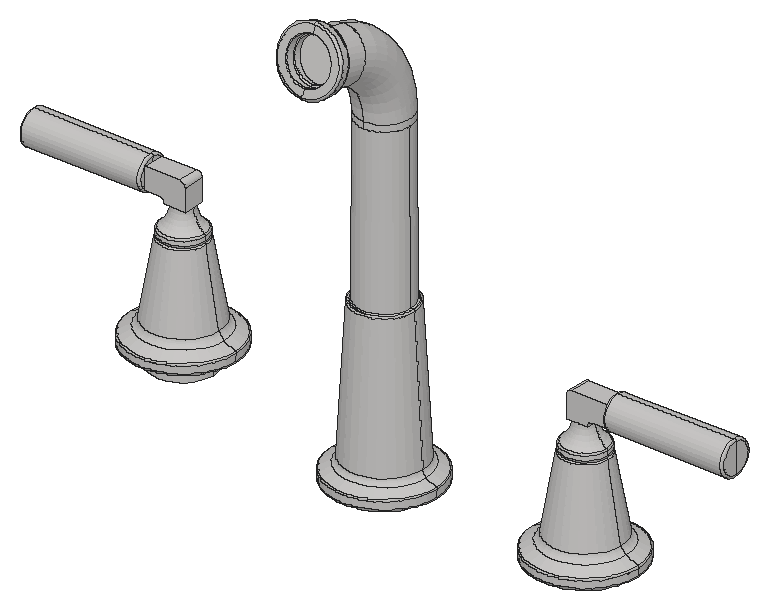
Revit family "FGT3548LF-WL-SUP413763_BIM", category Plumbing Fixtures, host Face, Revit 2014
Parameters (values of type "Standard")
  Width = 2 5/64"  # constant formula
  Vent Connection = no
  URL = ""
  Manufacturer = ""
  Faucet Material = Metal - Delta - Stainless-Steel
  Model = "FGT3548LF-WL-SUP413763"  # constant formula
  Height = 2 7/32"  # constant formula
  Description = "Faucet"  # constant formula
  Depth = 2 5/64"  # constant formula
  Default Elevation = 0"
Reference planes (in)
  plane 1 "Center (Front/Back)": y = 0
  plane 2: z = 0
  plane 3 "Center (Left/Right)": x = 0
  plane 4: y = 1.03906
  plane 5: y = -1.03906
  plane 6: z = 2.21875
  plane 7: x = 10.125
  plane 8: x = -1.03906
  plane 9: x = 1.03906
Forms (in)
  Revolve 1, solid, material "Metal - Delta - Stainless-Steel" <- "Faucet Material"
    sketch origin (0, 0, 0) x (1, 0, 0) y (0, 0, 1)
      loop
        arc (-1.03617, 0.02332) -> (-1.02933, 0.00683) -> (-1.01284, 0) r 0.02332
        line (-1.01284, 0) -> (-0.971, 0) -> (-0.971, 0.13794) -> (-0.67511, 0.13794) -> (-0.38454, 2.50439) -> (-0.38454, 6.35569) -> (-0.50459, 6.35569) -> (-0.52073, 3.17148)
        arc (-0.52073, 3.17148) -> (-0.52709, 3.15628) -> (-0.54232, 3.15) r 0.02159
        line (-0.54232, 3.15) -> (-0.57316, 3.15)
        arc (-0.57316, 3.15) -> (-0.58878, 3.14361) -> (-0.59545, 3.12811) r 0.02229
        arc (-0.59545, 3.12811) -> (-0.64543, 1.76881) -> (-0.74672, 0.41237) r 36.00753
        arc (-0.74672, 0.41237) -> (-0.76994, 0.34683) -> (-0.82148, 0.30016) r 0.14209
        line (-0.82148, 0.30016) -> (-1.0203, 0.19445)
        arc (-1.0203, 0.19445) -> (-1.03189, 0.18345) -> (-1.03617, 0.16804) r 0.02991
        line (-1.03617, 0.16804) -> (-1.03617, 0.02332)
      axis (0, 6.35569) -> (0, 0)
    angle from 0 to 360
  Sweep 2, solid, material "Metal - Delta - Stainless-Steel" <- "Faucet Material"
    path origin (0, 0, 0) x (0, 1, 0) y (0, 0, 1)
      loop
        line (0, 6.35569) -> (0, 6.4845)
        arc (0, 6.4845) -> (-0.30997, 7.39764) -> (-1.11177, 7.93339) r 1.5
        line (-1.11177, 7.93339) -> (-1.56051, 8.05363)
    profile origin (0, 0, 6.42009) x (0, -1, 0) y (1, 0, 0)
      loop
        circle (0, 0) r 0.50459
  Revolve 3, solid, material "Metal - Delta - Stainless-Steel" <- "Faucet Material"
    sketch origin (0, 0, 0) x (0, 1, 0) y (0, 0, 1)
      loop
        arc (-1.65508, 8.73209) -> (-1.68464, 8.73093) -> (-1.70335, 8.70803) r 0.03601
        line (-1.70335, 8.70803) -> (-1.74235, 8.56249) -> (-1.71589, 8.54397) -> (-1.58314, 8.5084) -> (-1.56443, 8.47598) -> (-1.45518, 8.44671) -> (-1.42991, 8.54102)
        arc (-1.42991, 8.54102) -> (-1.45562, 8.57432) -> (-1.46675, 8.6149) r 0.10866
        arc (-1.46675, 8.6149) -> (-1.47965, 8.6501) -> (-1.50921, 8.67316) r 0.06819
        line (-1.50921, 8.67316) -> (-1.65508, 8.73209)
      axis (-1.85738, 8.13317) -> (-1.56051, 8.05363)
    angle from 0 to 360
  Revolve 4, solid, material "Metal - Delta - Stainless-Steel" <- "Faucet Material"
    sketch origin (0, 0, 0) x (1, 0, 0) y (0, 0, 1)
      loop
        arc (2.90031, 0.0299) -> (2.90907, 0.00876) -> (2.93021, 0) r 0.0299
        line (2.93021, 0) -> (3.03294, 0) -> (3.03294, 0.1085) -> (3.49586, 0.1085) -> (3.61737, 1.84616) -> (3.93941, 2.09528) -> (3.93941, 2.44633) -> (3.73345, 2.44633)
        arc (3.73345, 2.44633) -> (3.68327, 2.22152) -> (3.53075, 2.04891) r 0.46186
        arc (3.53075, 2.04891) -> (3.51502, 2.03214) -> (3.50802, 2.01025) r 0.05218
        line (3.50802, 2.01025) -> (3.50107, 1.93085)
        arc (3.50107, 1.93085) -> (3.50429, 1.91374) -> (3.51335, 1.89887) r 0.04847
        arc (3.51335, 1.89887) -> (3.50666, 1.87858) -> (3.49253, 1.86255) r 0.0532
        arc (3.49253, 1.86255) -> (3.38248, 1.15036) -> (3.2402, 0.4439) r 15.85952
        arc (3.2402, 0.4439) -> (3.20449, 0.36738) -> (3.14011, 0.31274) r 0.19775
        line (3.14011, 0.31274) -> (2.91959, 0.19548)
        arc (2.91959, 0.19548) -> (2.9055, 0.18211) -> (2.90031, 0.1634) r 0.03634
        line (2.90031, 0.1634) -> (2.90031, 0.0299)
      axis (3.93941, 2.44633) -> (3.93941, 0)
    angle from 0 to 360
  Extrusion 5, solid, material "Metal - Delta - Stainless-Steel" <- "Faucet Material"
    sketch origin (0, 0, 0) x (1, 0, 0) y (0, 0, 1)
      loop
        arc (3.84168, 2.973) -> (3.76515, 2.9413) -> (3.73345, 2.86476) r 0.10824
        line (3.73345, 2.86476) -> (3.73345, 2.44633) -> (4.14537, 2.44633)
        arc (4.14537, 2.44633) -> (4.17805, 2.52524) -> (4.25696, 2.55792) r 0.11159
        line (4.25696, 2.55792) -> (4.59345, 2.55792) -> (4.59345, 2.973) -> (3.84168, 2.973)
    from -0.20352 to 0.20648
  Revolve 6, solid, material "Metal - Delta - Stainless-Steel" <- "Faucet Material"
    sketch origin (0, 0, 0) x (1, 0, 0) y (0, 0, 1)
      loop
        arc (4.58254, 3.09267) -> (4.55135, 3.07963) -> (4.53845, 3.04838) r 0.0443
        line (4.53845, 3.04838) -> (4.53845, 2.768) -> (6.88845, 2.768) -> (6.88845, 3.06035)
        arc (6.88845, 3.06035) -> (6.87578, 3.09083) -> (6.84524, 3.10335) r 0.043
        line (6.84524, 3.10335) -> (4.58254, 3.09267)
      axis (4.53845, 2.768) -> (6.88845, 2.768)
    angle from 0 to 360
  Revolve 7, solid, material "Metal - Delta - Stainless-Steel" <- "Faucet Material"
    sketch origin (0, 0, 1) x (-1, 0, 0) y (0, 0, 1)
      loop
        arc (2.90031, 0.0299) -> (2.90907, 0.00876) -> (2.93021, 0) r 0.0299
        line (2.93021, 0) -> (3.07363, 0) -> (3.07363, -0.04374) -> (3.34527, -0.04374) -> (3.34527, -0.37181) -> (3.49593, -0.37181) -> (3.49593, 0.10956) -> (3.61737, 1.84616) -> (3.93941, 2.09528) -> (3.93941, 2.44633) -> (3.73345, 2.44633)
        arc (3.73345, 2.44633) -> (3.68327, 2.22152) -> (3.53075, 2.04891) r 0.46186
        arc (3.53075, 2.04891) -> (3.51502, 2.03214) -> (3.50802, 2.01025) r 0.05218
        line (3.50802, 2.01025) -> (3.50107, 1.93085)
        arc (3.50107, 1.93085) -> (3.50429, 1.91374) -> (3.51335, 1.89887) r 0.04847
        arc (3.51335, 1.89887) -> (3.50666, 1.87858) -> (3.49253, 1.86255) r 0.0532
        arc (3.49253, 1.86255) -> (3.38248, 1.15036) -> (3.2402, 0.4439) r 15.85952
        arc (3.2402, 0.4439) -> (3.20449, 0.36738) -> (3.14011, 0.31274) r 0.19775
        line (3.14011, 0.31274) -> (2.91959, 0.19548)
        arc (2.91959, 0.19548) -> (2.9055, 0.18211) -> (2.90031, 0.1634) r 0.03634
        line (2.90031, 0.1634) -> (2.90031, 0.0299)
      axis (3.93941, 2.44633) -> (3.93941, -0.37181)
    angle from 0 to 360
  Extrusion 8, solid, material "Metal - Delta - Stainless-Steel" <- "Faucet Material"
    sketch origin (0, 0, 1) x (-1, 0, 0) y (0, 0, -1)
      loop
        line (3.84168, -2.973) -> (4.59345, -2.973) -> (4.59345, -2.55792) -> (4.25696, -2.55792)
        arc (4.25696, -2.55792) -> (4.17805, -2.52524) -> (4.14537, -2.44633) r 0.11159
        line (4.14537, -2.44633) -> (3.73345, -2.44633) -> (3.73345, -2.86476)
        arc (3.73345, -2.86476) -> (3.76515, -2.9413) -> (3.84168, -2.973) r 0.10824
    from -0.20352 to 0.20648
  Revolve 9, solid, material "Metal - Delta - Stainless-Steel" <- "Faucet Material"
    sketch origin (0, 0, 1) x (-1, 0, 0) y (0, 0, 1)
      loop
        arc (4.58254, 3.09267) -> (4.55135, 3.07963) -> (4.53845, 3.04838) r 0.0443
        line (4.53845, 3.04838) -> (4.53845, 2.768) -> (6.88845, 2.768) -> (6.88845, 3.06035)
        arc (6.88845, 3.06035) -> (6.87578, 3.09083) -> (6.84524, 3.10335) r 0.043
        line (6.84524, 3.10335) -> (4.58254, 3.09267)
      axis (4.53845, 2.768) -> (6.88845, 2.768)
    angle from 0 to 360
Dimensions and locks (in)
  equal spacing: plane 4, plane 1 "Center (Front/Back)", plane 5
  "Depth": plane 4 to plane 5
  "Height": plane 6 to plane 2
  equal spacing: plane 8, plane 3 "Center (Left/Right)", plane 9
  "Width": plane 8 to plane 9
  aligned and locked: plane 2 to host face
  aligned and locked: level to host face
Automatic sketch dimensions
  host sketch curve to host sketch curve = 96"  (x2)
  Revolve 1 sketch curve to level = 0"
  Revolve 1 sketch curve to plane 3 "Center (Left/Right)" = 0"
  Revolve 1 sketch curve to plane 3 "Center (Left/Right)" = 0.38454"
  Revolve 1 sketch curve to Revolve 1 sketch curve = 0.12005"
  plane 8 to Revolve 1 sketch curve = 0.51833"
  Revolve 1 sketch curve to Revolve 1 sketch curve = 0.02159"
  Revolve 1 sketch curve to Revolve 1 sketch curve = 0.03084"
  level to Revolve 1 sketch curve = 0.13794"
  plane 8 to Revolve 1 sketch curve = 0.36396"
  plane 8 to Revolve 1 sketch curve = 0.21759"
  Revolve 1 sketch curve to Revolve 1 sketch curve = 0.06671"
  plane 8 to Revolve 1 sketch curve = 0.06806"
  plane 8 to Revolve 1 sketch curve = 0.0328"
  plane 8 to Revolve 1 sketch curve = 0.02622"
  plane 8 to Revolve 1 sketch curve = 0.01876"
  plane 8 to Revolve 1 sketch curve = 0.0029"
  Revolve 1 sketch curve to plane 6 = 1.55256"
  Revolve 1 sketch curve to plane 8 = 35.55817"
  Revolve 1 sketch curve to Revolve 1 sketch curve = 0.03011"
  Revolve 1 sketch curve to Revolve 1 sketch curve = 0.16223"
  Revolve 1 sketch curve to Revolve 1 sketch curve = 0.12546"
  Revolve 1 sketch curve to plane 6 = 0.28564"
  Revolve 1 sketch curve to Revolve 1 sketch curve = 0.62332"
  Revolve 1 sketch curve to Revolve 1 sketch curve = 0.02229"
  Revolve 1 sketch curve to Revolve 1 sketch curve = 0.02148"
  Revolve 1 sketch curve to Revolve 1 sketch curve = 3.18421"
  Revolve 1 sketch curve to Revolve 1 sketch curve = 0"
  level to Revolve 1 sketch curve = 0.44938"
  Revolve 1 sketch curve to Revolve 1 sketch curve = 0.28757"
  Sweep 2 sketch curve to plane 1 "Center (Front/Back)" = 0"
  Sweep 2 sketch curve to plane 5 = 0.07271"
  Sweep 2 sketch curve to plane 5 = 59/128"
  Sweep 2 sketch curve to plane 6 = 4.26575"
  Sweep 2 sketch curve to Sweep 2 sketch curve = 0.44874"
  Sweep 2 sketch curve to Sweep 2 sketch curve = 0.12881"
  Sweep 2 sketch curve to Sweep 2 sketch curve = 0.12024"
  Sweep 2 sketch curve to plane 3 "Center (Left/Right)" = 0"
  Sweep 2 sketch curve to profile plane = 0"
  Revolve 3 sketch curve to plane 5 = 0.70328"
  Revolve 3 sketch curve to Revolve 3 sketch curve = 0.02645"
  Revolve 3 sketch curve to Revolve 3 sketch curve = 0.039"
  Revolve 3 sketch curve to Revolve 3 sketch curve = 0.03478"
  Revolve 3 sketch curve to Revolve 3 sketch curve = 0.01349"
  Revolve 3 sketch curve to Revolve 3 sketch curve = 0.13275"
  Revolve 3 sketch curve to Revolve 3 sketch curve = 0.01871"
  Revolve 3 sketch curve to Revolve 3 sketch curve = 0.04839"
  Revolve 3 sketch curve to Revolve 3 sketch curve = 0.02554"
  Revolve 3 sketch curve to Revolve 3 sketch curve = 0.10924"
  Revolve 3 sketch curve to Revolve 3 sketch curve = 0.02527"
  Revolve 3 sketch curve to Revolve 3 sketch curve = 0.07154"
  Revolve 3 sketch curve to plane 6 = 6.22796"
  Revolve 3 sketch curve to Revolve 3 sketch curve = 0.02927"
  Revolve 3 sketch curve to Revolve 3 sketch curve = 0.03241"
  Revolve 3 sketch curve to Revolve 3 sketch curve = 0.03557"
  Revolve 3 sketch curve to Revolve 3 sketch curve = 0.01852"
  Revolve 3 sketch curve to Revolve 3 sketch curve = 0.10154"
  Revolve 3 sketch curve to Revolve 3 sketch curve = 0.08178"
  Revolve 3 sketch curve to Revolve 3 sketch curve = 0.06322"
  Revolve 3 sketch curve to Revolve 3 sketch curve = 0.13622"
  Revolve 3 sketch curve to Revolve 3 sketch curve = 0.00932"
  Revolve 3 sketch curve to Revolve 3 sketch curve = 0.10533"
  Revolve 3 sketch curve to Revolve 3 sketch curve = 0.17849"
  Revolve 3 sketch curve to Revolve 3 sketch curve = 0.39308"
  Revolve 3 sketch curve to Revolve 3 sketch curve = 0.04783"
  Revolve 4 sketch curve to level = 0"
  Revolve 4 sketch curve to plane 6 = 1.70893"
  Revolve 4 sketch curve to plane 8 = 11.1929"
  level to Revolve 4 sketch curve = 0.1634"
  plane 9 to Revolve 4 sketch curve = 1.86125"
  level to Revolve 4 sketch curve = 0.19548"
  Revolve 4 sketch curve to Revolve 4 sketch curve = 0.01928"
  Revolve 4 sketch curve to Revolve 4 sketch curve = 0.0299"
  Revolve 4 sketch curve to Revolve 4 sketch curve = 0.09628"
  Revolve 4 sketch curve to Revolve 4 sketch curve = 0.12769"
  level to Revolve 4 sketch curve = 0.31274"
  Revolve 4 sketch curve to Revolve 4 sketch curve = 0.09284"
  Revolve 4 sketch curve to plane 6 = 0.21262"
  Revolve 4 sketch curve to Revolve 4 sketch curve = 0.22455"
  Revolve 4 sketch curve to Revolve 4 sketch curve = 0.18868"
  level to Revolve 4 sketch curve = 0.1085"
  Revolve 4 sketch curve to Revolve 4 sketch curve = 0.35575"
  plane 6 to Revolve 4 sketch curve = 0.2085"
  Revolve 4 sketch curve to Revolve 4 sketch curve = 0.04751"
  Revolve 4 sketch curve to Revolve 4 sketch curve = 0.04152"
  Revolve 4 sketch curve to Revolve 4 sketch curve = 0.05198"
  plane 6 to Revolve 4 sketch curve = 0.37259"
  Revolve 4 sketch curve to Revolve 4 sketch curve = 0.06783"
  Revolve 4 sketch curve to plane 6 = 0.22758"
  Revolve 4 sketch curve to Revolve 4 sketch curve = 0.46162"
  plane 6 to Revolve 4 sketch curve = 0.12347"
  Revolve 4 sketch curve to Revolve 4 sketch curve = 0.37941"
  Revolve 4 sketch curve to Revolve 4 sketch curve = 0.1746"
  Revolve 4 sketch curve to Revolve 4 sketch curve = 0.10521"
  Revolve 4 sketch curve to Revolve 4 sketch curve = 0.07914"
  Revolve 4 sketch curve to Revolve 4 sketch curve = 0.00455"
  Revolve 4 sketch curve to Revolve 4 sketch curve = 0"  (x2)
  Revolve 4 sketch curve to Revolve 4 sketch curve = 0.03202"
  Revolve 4 sketch curve to Revolve 4 sketch curve = 0.04056"
  Revolve 4 sketch curve to Revolve 4 sketch curve = 0.01227"
  plane 6 to Revolve 4 sketch curve = 0.03469"
  Revolve 4 sketch curve to Revolve 4 sketch curve = 0.11001"
  Extrusion 5 sketch curve to plane 6 = 0.22758"
  plane 9 to Extrusion 5 sketch curve = 2.69439"
  Extrusion 5 sketch curve to Extrusion 5 sketch curve = 0.10824"
  Extrusion 5 sketch curve to Extrusion 5 sketch curve = 0.41192"
  Extrusion 5 sketch curve to Extrusion 5 sketch curve = 0.11159"
  Extrusion 5 sketch curve to Extrusion 5 sketch curve = 0.33649"
  Extrusion 5 sketch curve to Extrusion 5 sketch curve = 0.41843"
  Revolve 6 sketch curve to plane 6 = 0.82963"
  plane 9 to Revolve 6 sketch curve = 3.49939"
  Revolve 6 sketch curve to plane 6 = 0.87392"
  Revolve 6 sketch curve to Revolve 6 sketch curve = 0.04409"
  Revolve 6 sketch curve to plane 6 = 0.8846"
  Revolve 6 sketch curve to Revolve 6 sketch curve = 2.26271"
  Revolve 6 sketch curve to Revolve 6 sketch curve = 0.0002"
  Revolve 6 sketch curve to Revolve 6 sketch curve = 0.043"
  Revolve 6 sketch curve to Revolve 6 sketch curve = 0.29235"
  Revolve 6 sketch curve to Revolve 6 sketch curve = 0.13153"
  Revolve 6 sketch curve to Revolve 6 sketch curve = 0.10716"
  Revolve 6 sketch curve to Revolve 6 sketch curve = 0"
  plane 6 to Extrusion 8 sketch curve = 1.22758"
  plane 8 to Extrusion 8 sketch curve = 2.69439"
  Extrusion 8 sketch curve to Extrusion 8 sketch curve = 0.10824"
  Extrusion 8 sketch curve to Extrusion 8 sketch curve = 0.41192"
  Extrusion 8 sketch curve to Extrusion 8 sketch curve = 0.11159"
  Extrusion 8 sketch curve to Extrusion 8 sketch curve = 0.33649"
  Extrusion 8 sketch curve to Extrusion 8 sketch curve = 0.41843"
  plane 6 to Revolve 9 sketch curve = 1.82963"
  plane 8 to Revolve 9 sketch curve = 3.49939"
  plane 6 to Revolve 9 sketch curve = 1.87392"
  Revolve 9 sketch curve to Revolve 9 sketch curve = 0.04409"
  plane 6 to Revolve 9 sketch curve = 1.8846"
  Revolve 9 sketch curve to Revolve 9 sketch curve = 2.26271"
  Revolve 9 sketch curve to Revolve 9 sketch curve = 0.0002"
  Revolve 9 sketch curve to Revolve 9 sketch curve = 0.043"
  Revolve 9 sketch curve to Revolve 9 sketch curve = 0.29235"
  Revolve 9 sketch curve to Revolve 9 sketch curve = 0.13153"
  Revolve 9 sketch curve to Revolve 9 sketch curve = 0.10716"
  Revolve 9 sketch curve to Revolve 9 sketch curve = 0"
  Revolve 7 sketch curve to plane 7 = 2.10696"
  plane 8 to Revolve 7 sketch curve = 1.86125"
  Revolve 7 sketch curve to plane 6 = 1.02327"
  Revolve 7 sketch curve to Revolve 7 sketch curve = 0.01928"
  Revolve 7 sketch curve to Revolve 7 sketch curve = 0.0299"
  Revolve 7 sketch curve to Revolve 7 sketch curve = 0.03634"
  Revolve 7 sketch curve to Revolve 7 sketch curve = 0.12769"
  Revolve 7 sketch curve to plane 6 = 0.90601"
  Revolve 7 sketch curve to Revolve 7 sketch curve = 0.09284"
  plane 6 to Revolve 7 sketch curve = 1.21262"
  Revolve 7 sketch curve to Revolve 7 sketch curve = 0.22455"
  Revolve 7 sketch curve to Revolve 7 sketch curve = 0.27164"
  Revolve 7 sketch curve to Revolve 7 sketch curve = 0.18868"
  Revolve 7 sketch curve to plane 6 = 1.10919"
  Revolve 7 sketch curve to Revolve 7 sketch curve = 0.15066"
  plane 6 to Revolve 7 sketch curve = 0.7915"
  Revolve 7 sketch curve to Revolve 7 sketch curve = 0.04751"
  Revolve 7 sketch curve to Revolve 7 sketch curve = 0.04152"
  Revolve 7 sketch curve to Revolve 7 sketch curve = 0.05198"
  plane 6 to Revolve 7 sketch curve = 0.62741"
  Revolve 7 sketch curve to Revolve 7 sketch curve = 0.06783"
  Revolve 7 sketch curve to Revolve 7 sketch curve = 0.46162"
  plane 6 to Revolve 7 sketch curve = 0.87653"
  Revolve 7 sketch curve to Revolve 7 sketch curve = 0.37941"
  Revolve 7 sketch curve to Revolve 7 sketch curve = 0.1335"
  Revolve 7 sketch curve to Revolve 7 sketch curve = 0.1533"
  Revolve 7 sketch curve to Revolve 7 sketch curve = 0.32807"
  Revolve 7 sketch curve to Revolve 7 sketch curve = 0.1746"
  Revolve 7 sketch curve to Revolve 7 sketch curve = 0.10521"
  Revolve 7 sketch curve to Revolve 7 sketch curve = 0.07914"
  Revolve 7 sketch curve to Revolve 7 sketch curve = 0.00455"
  Revolve 7 sketch curve to Revolve 7 sketch curve = 0.35105"
  plane 6 to Revolve 7 sketch curve = 2.70893"
  Revolve 7 sketch curve to Revolve 7 sketch curve = 0"  (x2)
  Revolve 7 sketch curve to Revolve 7 sketch curve = 0.03202"
  Revolve 7 sketch curve to Revolve 7 sketch curve = 0.04056"
  Revolve 7 sketch curve to Revolve 7 sketch curve = 0.01227"
  Revolve 7 sketch curve to Revolve 7 sketch curve = 0.08879"
  Revolve 7 sketch curve to Revolve 7 sketch curve = 0.11001"
  Revolve 7 sketch curve to Revolve 7 sketch curve = 0.14342"
  radius of Sweep 2 sketch curve = 0.50459"
